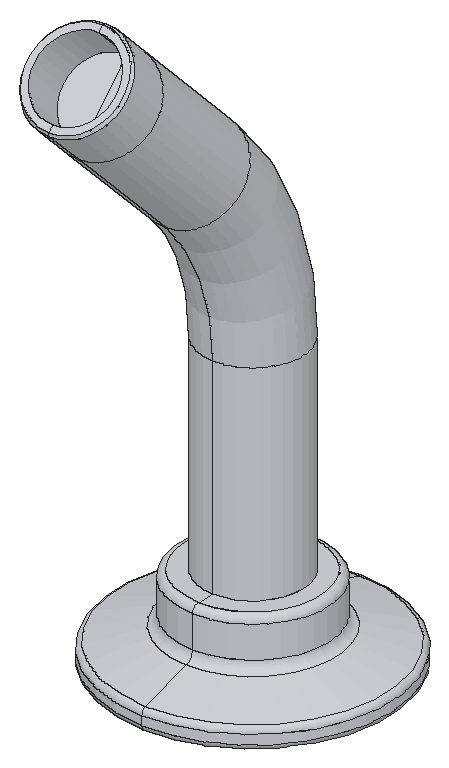
Revit family "Shower-Showerarm-KOHLER-Purist-K-45918M", category Plumbing Fixtures, host Face, Revit 2017
Family settings
  Host = Face
  Round Connector Dimension = Use Diameter
  Part Type = Normal
  OmniClass Number = 23.31.17.00
  OmniClass Title = Showers
  Cut with Voids When Loaded = No
  Shared = No
  Room Calculation Point = No
Parameters (values of type "CP- Polished Chrome")
  Width = 2 31/128"  # constant formula
  WaterSense Certified = 1 = 0  # no
  Waste Water Outlet = "Waste Water Outlet"  # constant formula
  Waste Connection = 1 = 0  # no
  Vent Connection = 1 = 0  # no
  URL = "https://la.kohler.com/es?country=MX"
  Type = 1
  Tempered Water Inlet = "Tempered Water Inlet"  # constant formula
  Product Page URL = "https://la.kohler.com/en/product-detail/45918m?skuid=K-45918M-CP"
  Product Name = "Purist"  # constant formula
  Product Documentation Link = "http://resources.kohler.com/plumbing/kohlerla/pdf/45918T%20PURIST%20Spec%20Sheet.pdf"
  Pressure = 0.00 psi
  Model = "K-45918M-CP"  # constant formula
  Material = "Premium Metal Construction"  # constant formula
  Master Format 2014 Name = "Residential Showers"  # constant formula
  Master Format 2014 = "22 42 23"  # constant formula
  Manufacturer Address = "KOHLER Co. 444 Highland Dr. Kohler, WI 53044"  # constant formula
  Manufacturer = "KOHLER Co."  # constant formula
  Length = 5 5/128"  # constant formula
  Hot Water Inlet = "Hot Water Inlet"  # constant formula
  Height = 2 239/256"  # constant formula
  HW Connection = 1 = 1  # yes
  Flow Rate = 0 GPM
  Finish = Kohler-Metal-CP-Polished_Chrome
  Environmental Product Declaration = ""
  Drain Included = 1 = 0  # no
  Description = "Luxury showerarm and decorative cover"  # constant formula
  Default Elevation = 72"
  Declare Label = ""
  Date Modified = "09/16/2020"  # constant formula
  Date Created = "09/16/2020"  # constant formula
  Copyright = "Copyright KOHLER Co."  # constant formula
  Contact Us = "https://la.kohler.com/es/contact-us-page"
  Cold Water Inlet = "Cold Water Inlet"  # constant formula
  CW Connection = 1 = 0  # no
  Assembly Code = "D2010700"
  ADA Compliant = 1 = 0  # no
Reference planes (in)
  plane 1 "Center (Front/Back)": y = 0
  plane 2: z = 0
  plane 3 "Center (Left/Right)": x = 0
  plane 4: y = 1.12257
  plane 5: y = -1.12205
  plane 6: x = -1.12205
  plane 7: x = 1.12014
  plane 8: y = -1.81102
  plane 9: z = 0.16978
  plane 10: x = -0.406
  plane 11: x = 0.406
  plane 12: z = 5.03906
  plane 13: y = 0.406
  plane 14: y = -0.406
Dimensions and locks (in)
  "Height": plane 8 to plane 4
  "Width": plane 6 to plane 7
  plane 12 to level = 5 5/128"
  plane 7 to plane 6 = 2 31/128"
  plane 1 "Center (Front/Back)" to plane 8 = 1.81102"
  "Length": level to plane 12
  aligned and locked: plane 2 to host face
  aligned and locked: level to host face
  aligned and locked: plane 3 "Center (Left/Right)" to nested 1
  aligned and locked: plane 1 "Center (Front/Back)" to nested 1
Automatic sketch dimensions
  host sketch curve to host sketch curve = 96"  (x2)
Nested families (in)
  nested 1: "K-45918M" at (0, 0, 0), type "K-45918M"
Connectors (in)
  piping at (0, 0, 0), diameter 0.5, driven by "Flow Rate", driven by "HW Connection", driven by "Tempered Water Inlet"
    settings: on nested 1, index 1, connector inside diameter 24", connector length 0", flow factor 0, pipe flow 0 GPM, pressure drop 0.00 psi, fitting loss kfactor 0, connector angle 0.00°, fixture units 0, engagement length 0", angle of deflection 0.00°, flow configuration 0, flow direction 1, fitting loss method 0, system type 19, joint type 0, gender type 0, connector reference index -1, connector utility 1, adjustable connector no, is connector primary yes, connector description "Tempered Water Inlet"
Definition of nested family "K-45918M"
  Parameters (values of type "K-45918M")
    Material = none
  Reference planes (in)
    plane 1 "Center (Front/Back)": y = 0
    plane 2: z = 0
    plane 3 "Center (Left/Right)": x = 0
    plane 4: x = -1.12205
    plane 5: x = 1.12205
    plane 6: z = 5.03937
    plane 7: y = -1.81102
    plane 8: y = 1.12205
    plane 9: y = -1.12205
    plane 10: z = 0.16978
    plane 11: x = -0.406
    plane 12: x = 0.406
    plane 13: y = 0.406
    plane 14: y = -0.406
  Forms (in)
    Revolve 1, solid, material <- "Material", detail levels medium+fine
      sketch origin (0, 0, 0) x (0, 1, 0) y (0, 0, 1)
        loop
          arc (1.12205, 0.12014) -> (1.11183, 0.15072) -> (1.08529, 0.16903) r 0.0509
          line (1.08529, 0.16903) -> (0.67284, 0.28828)
          arc (0.67284, 0.28828) -> (0.62744, 0.31959) -> (0.60997, 0.3719) r 0.08705
          line (0.60997, 0.3719) -> (0.60997, 0.63157)
          arc (0.60997, 0.63157) -> (0.59286, 0.67289) -> (0.55154, 0.69) r 0.05843
          line (0.55154, 0.69) -> (0, 0.69) -> (0, 0) -> (1.07811, 0)
          arc (1.07811, 0) -> (1.10918, 0.01287) -> (1.12205, 0.04394) r 0.04394
          line (1.12205, 0.04394) -> (1.12205, 0.12014)
        axis (0, 0.69) -> (0, 0)
      angle from 0 to 360
    Sweep 2, solid, material <- "Material", detail levels medium+fine
      path origin (0, 0, 0) x (0, 1, 0) y (0, 0, 1)
        loop
          line (-1.49086, 4.73808) -> (-0.61115, 3.85837)
          arc (-0.61115, 3.85837) -> (-0.15883, 3.18143) -> (0, 2.38292) r 2.0866
          line (0, 2.38292) -> (0, 0.69)
      profile origin (0, 0, 0.69) x (1, 0, 0) y (0, 1, 0)
        loop
          circle (0, 0) r 0.406
    Revolve 3, solid, material <- "Material", detail levels medium+fine
      sketch origin (0, 0, 0) x (0, 1, 0) y (0, 0, 1)
        loop
          line (-1.49086, 4.73808) -> (-1.20378, 5.02517) -> (-1.49205, 5.31344) -> (-1.52258, 5.31882) -> (-1.79709, 5.04431) -> (-1.49086, 4.73808)
        axis (-1.49086, 4.73808) -> (-1.79709, 5.04431)
      angle from 0 to 360
    Revolve 4, void
      sketch origin (0, 0, 0) x (0, 1, 0) y (0, 0, 1)
        loop
          line (-1.5163, 4.76352) -> (-1.28205, 4.99776) -> (-1.77998, 5.49569) -> (-2.01423, 5.26144) -> (-1.5163, 4.76352)
        axis (-1.5163, 4.76352) -> (-2.01423, 5.26144)
      angle from 0 to 360
    Revolve 5, solid, material <- "Material", detail levels coarse
      sketch origin (0, 0, 0) x (0, 1, 0) y (0, 0, 1)
        loop
          line (1.12205, 0.16903) -> (0.60997, 0.16903) -> (0.60997, 0.69) -> (0, 0.69) -> (0, 0) -> (1.12205, 0) -> (1.12205, 0.16903)
        axis (0, 0.69) -> (0, 0)
      angle from 0 to 360
    Sweep 6, solid, material <- "Material", detail levels coarse
      path origin (0, 0, 0) x (0, 1, 0) y (0, 0, 1)
        loop
          line (-1.79709, 5.04431) -> (-0.61115, 3.85837)
          arc (-0.61115, 3.85837) -> (-0.15883, 3.18143) -> (0, 2.38292) r 2.0866
          line (0, 2.38292) -> (0, 0.69)
      profile origin (0, 0, 0.69) x (1, 0, 0) y (0, 1, 0)
        loop
          circle (0, 0) r 0.406
    Extrusion 7, solid, material <- "Material", detail levels medium+fine
      sketch origin (0, 0, 0) x (1, 0, 0) y (0, 1, 0)
        loop
          circle (0, 0) r 0.25
      from 0 to 0.06706
  Cuts and joins
    joined: Revolve 5, Sweep 6
    joined: Revolve 1, Sweep 2
    Revolve 4 cuts Revolve 3
  Lines and regions (in)
    Masking region 1
      outline origin (0, 0, 0) x (0, 1, 0) y (0, 0, 1)
        loop
          arc (1.12205, 0.12046) -> (1.11172, 0.15133) -> (1.08489, 0.16977) r 0.0513
          line (1.08489, 0.16977) -> (0.67405, 0.28758)
          arc (0.67405, 0.28758) -> (0.62779, 0.31938) -> (0.60997, 0.37261) r 0.08846
          line (0.60997, 0.37261) -> (0.60997, 0.63173)
          arc (0.60997, 0.63173) -> (0.59291, 0.67293) -> (0.55171, 0.68999) r 0.05826
          line (0.55171, 0.68999) -> (0.406, 0.68999) -> (0.406, 2.41014)
          arc (0.406, 2.41014) -> (0.22126, 3.33887) -> (-0.30482, 4.12621) r 2.42689
          line (-0.30482, 4.12621) -> (-1.49205, 5.31344) -> (-1.52258, 5.31882) -> (-2.0716, 4.76979) -> (-2.06622, 4.73927) -> (-0.89505, 3.56809)
          arc (-0.89505, 3.56809) -> (-0.5331, 3.0264) -> (-0.406, 2.38743) r 1.66971
          line (-0.406, 2.38743) -> (-0.406, 0.68999) -> (-0.55161, 0.68999)
          arc (-0.55161, 0.68999) -> (-0.59288, 0.6729) -> (-0.60997, 0.63163) r 0.05837
          line (-0.60997, 0.63163) -> (-0.60997, 0.37261)
          arc (-0.60997, 0.37261) -> (-0.62779, 0.31938) -> (-0.67405, 0.28758) r 0.08846
          line (-0.67405, 0.28758) -> (-1.08489, 0.16977)
          arc (-1.08489, 0.16977) -> (-1.11172, 0.15133) -> (-1.12205, 0.12046) r 0.0513
          line (-1.12205, 0.12046) -> (-1.12205, 0.04424)
          arc (-1.12205, 0.04424) -> (-1.10909, 0.01296) -> (-1.07781, 0) r 0.04424
          line (-1.07781, 0) -> (1.07781, 0)
          arc (1.07781, 0) -> (1.10909, 0.01296) -> (1.12205, 0.04424) r 0.04424
          line (1.12205, 0.04424) -> (1.12205, 0.12046)
    Masking region 2
      outline origin (0, 0, 0) x (1, 0, 0) y (0, 0, 1)
        loop
          arc (1.12205, 0.12046) -> (1.11172, 0.15134) -> (1.08489, 0.16978) r 0.0513
          line (1.08489, 0.16978) -> (0.67405, 0.28758)
          arc (0.67405, 0.28758) -> (0.62779, 0.31938) -> (0.60997, 0.37262) r 0.08846
          line (0.60997, 0.37262) -> (0.60997, 0.63174)
          arc (0.60997, 0.63174) -> (0.59291, 0.67294) -> (0.55171, 0.69) r 0.05826
          line (0.55171, 0.69) -> (0.406, 0.69) -> (0.406, 5.02635)
          spline (0.406, 5.02635) -> (0.39217, 5.10066) -> (0.35161, 5.1699) -> (0.28709, 5.22935) -> (0.203, 5.27498) -> (0.10508, 5.30366) -> (0, 5.31344) -> (-0.10508, 5.30366) -> (-0.203, 5.27498) -> (-0.28709, 5.22935) -> (-0.35161, 5.1699) -> (-0.39217, 5.10066) -> (-0.406, 5.02635)
          line (-0.406, 5.02635) -> (-0.406, 0.69) -> (-0.55161, 0.69)
          arc (-0.55161, 0.69) -> (-0.59288, 0.6729) -> (-0.60997, 0.63163) r 0.05837
          line (-0.60997, 0.63163) -> (-0.60997, 0.37262)
          arc (-0.60997, 0.37262) -> (-0.62779, 0.31938) -> (-0.67405, 0.28758) r 0.08846
          line (-0.67405, 0.28758) -> (-1.08489, 0.16978)
          arc (-1.08489, 0.16978) -> (-1.11172, 0.15134) -> (-1.12205, 0.12046) r 0.0513
          line (-1.12205, 0.12046) -> (-1.12205, 0.04424)
          arc (-1.12205, 0.04424) -> (-1.10909, 0.01296) -> (-1.07781, 0.00001) r 0.04424
          line (-1.07781, 0.00001) -> (1.07781, 0.00001)
          arc (1.07781, 0.00001) -> (1.10909, 0.01296) -> (1.12205, 0.04424) r 0.04424
          line (1.12205, 0.04424) -> (1.12205, 0.12046)
    Masking region 3
      outline origin (0, 0, 0) x (1, 0, 0) y (0, 1, 0)
        loop
          arc (0.40603, -1.04601) -> (0, 1.12205) -> (-0.40603, -1.04601) r 1.12205
          line (-0.40603, -1.04601) -> (-0.40603, -1.77914)
          spline (-0.40603, -1.77914) -> (-0.39217, -1.85344) -> (-0.35161, -1.92268) -> (-0.28709, -1.98214) -> (-0.203, -2.02776) -> (-0.10508, -2.05644) -> (0, -2.06622) -> (0.10508, -2.05644) -> (0.203, -2.02776) -> (0.28709, -1.98214) -> (0.35161, -1.92268) -> (0.39217, -1.85344) -> (0.406, -1.77914)
          line (0.406, -1.77914) -> (0.40603, -1.04601)
    symbolic lines, detail levels medium+fine
      curve 1: line (0, 1.12205, 0.04424) -> (0, -1.12205, 0.04424)
      curve 2: line (0, 1.12205, 0.12046) -> (0, -1.12205, 0.12046)
      curve 3: line (0, 1.08489, 0.16977) -> (0, -1.08489, 0.16977)
      curve 4: line (0, 0.60997, 0.37261) -> (0, -0.60997, 0.37261)
      curve 5: line (0, 0.67405, 0.28758) -> (0, -0.67405, 0.28758)
      curve 6: line (0, 0.60997, 0.63173) -> (0, -0.60997, 0.63173)
      curve 7: line (0, 0.406, 0.68999) -> (0, -0.406, 0.68999)
      curve 8: line (0, -1.20378, 5.02517) -> (0, -1.77795, 4.45099)
      curve 9: line (0, -1.49205, 5.31344) -> (0, -2.06622, 4.73927)
      curve 10: line (1.12205, 0, 0.04424) -> (-1.12205, 0, 0.04424)
      curve 11: line (1.12205, 0, 0.12046) -> (-1.12205, 0, 0.12046)
      curve 12: line (1.08489, 0, 0.16978) -> (-1.08489, 0, 0.16978)
      curve 13: line (0.60997, 0, 0.37262) -> (-0.60997, 0, 0.37262)
      curve 14: line (0.67405, 0, 0.28758) -> (-0.67405, 0, 0.28758)
      curve 15: line (0.60997, 0, 0.63174) -> (-0.60997, 0, 0.63174)
      curve 16: line (0.406, 0, 0.69) -> (-0.406, 0, 0.69)
      curve 17: spline (-0.406, 0, 4.73808) -> (-0.39217, 0, 4.81238) -> (-0.35161, 0, 4.88162) -> (-0.28709, 0, 4.94108) -> (-0.203, 0, 4.9867) -> (-0.10508, 0, 5.01538) -> (0, 0, 5.02517) -> (0.10508, 0, 5.01538) -> (0.203, 0, 4.9867) -> (0.28709, 0, 4.94108) -> (0.35161, 0, 4.88162) -> (0.39217, 0, 4.81238) -> (0.406, 0, 4.73808)
      curve 18: arc (0.406, -0.45539, 0) -> (0, 0.61009, 0) -> (-0.406, -0.45539, 0) r 0.61009
      curve 19: arc (0.406, 0, 0) -> (0, 0.406, 0) -> (-0.406, 0, 0) r 0.406
      curve 20: line (-0.406, 0, 0) -> (-0.406, -1.04602, 0)
      curve 21: line (0.406, 0, 0) -> (0.406, -1.04602, 0)
      curve 22: spline (0.406, -1.49086, 0) -> (0.39217, -1.41656, 0) -> (0.35161, -1.34732, 0) -> (0.28709, -1.28786, 0) -> (0.203, -1.24224, 0) -> (0.10508, -1.21356, 0) -> (0, -1.20378, 0) -> (-0.10508, -1.21356, 0) -> (-0.203, -1.24224, 0) -> (-0.28709, -1.28786, 0) -> (-0.35161, -1.34732, 0) -> (-0.39217, -1.41656, 0) -> (-0.406, -1.49086, 0)
      curve 23: spline (-0.406, -1.77914, 0) -> (-0.39217, -1.70483, 0) -> (-0.35161, -1.63559, 0) -> (-0.28709, -1.57614, 0) -> (-0.203, -1.53051, 0) -> (-0.10508, -1.50183, 0) -> (0, -1.49205, 0) -> (0.10508, -1.50183, 0) -> (0.203, -1.53051, 0) -> (0.28709, -1.57614, 0) -> (0.35161, -1.63559, 0) -> (0.39217, -1.70483, 0) -> (0.406, -1.77914, 0)
      curve 24: spline (-0.29219, -1.97784, 0) -> (-0.36672, -1.88717, 0) -> (-0.38774, -1.78335, 0) -> (-0.35215, -1.68154, 0) -> (-0.26517, -1.59659, 0) -> (-0.13948, -1.5409, 0) -> (0.00657, -1.52261, 0) -> (0.15166, -1.54439, 0) -> (0.27461, -1.60305, 0) -> (0.35748, -1.69003, 0) -> (0.38817, -1.79264, 0) -> (0.3622, -1.8959, 0) -> (0.28337, -1.98473, 0)
      curve 25: spline (0, -2.03134, 0) -> (-0.08574, -2.02336, 0) -> (-0.16564, -1.99995, 0) -> (-0.23425, -1.96273, 0) -> (-0.28689, -1.91421, 0) -> (-0.31999, -1.85772, 0) -> (-0.33128, -1.79709, 0) -> (-0.31999, -1.73646, 0) -> (-0.28689, -1.67997, 0) -> (-0.23425, -1.63145, 0) -> (-0.16564, -1.59423, 0) -> (-0.08574, -1.57082, 0) -> (0, -1.56284, 0)
      curve 26: spline (0, -1.56284, 0) -> (0.08574, -1.57082, 0) -> (0.16564, -1.59423, 0) -> (0.23425, -1.63145, 0) -> (0.28689, -1.67997, 0) -> (0.31999, -1.73646, 0) -> (0.33128, -1.79709, 0) -> (0.31999, -1.85772, 0) -> (0.28689, -1.91421, 0) -> (0.23425, -1.96273, 0) -> (0.16564, -1.99995, 0) -> (0.08574, -2.02336, 0) -> (0, -2.03134, 0)
      curve 27: spline (-0.26489, -1.65698, 0) -> (-0.23114, -1.68411, 0) -> (-0.19189, -1.70725, 0) -> (-0.14807, -1.72584, 0) -> (-0.10073, -1.73945, 0) -> (-0.051, -1.74775, 0) -> (-0.00005, -1.75055, 0) -> (0.0509, -1.74777, 0) -> (0.10064, -1.73948, 0) -> (0.14798, -1.72588, 0) -> (0.19181, -1.70729, 0) -> (0.23106, -1.68416, 0) -> (0.26483, -1.65703, 0)
  Dimensions and locks (in)
    aligned and locked: plane 2 to level
